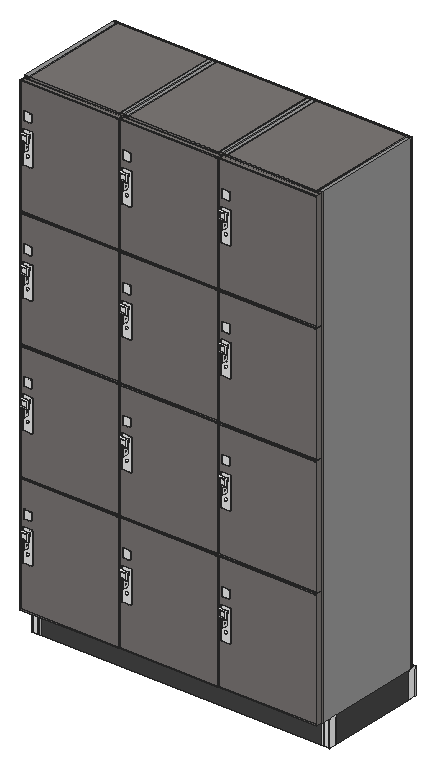
Revit family "Wood_Lockers_Hasps-Salsbury_Industries-15_44000_Series-3_Wide_Units.rfa", category Specialty Equipment, Revit 2016 (continued)
Definition of nested family "Premier Locker Doors_Hasp"
  Lines and regions (in)
    symbolic lines
      curve 20: line (-6.3125, 0.625, 69) -> (-6.3125, 0.625, 68.5)
      curve 21: line (-6.3125, 0.625, 68.5) -> (-6.3125, 0.375, 68.5)
      curve 22: line (-6.3125, 0.375, 3.25) -> (-6.3125, 0.625, 3.25)
      curve 23: line (-6.3125, 0.625, 3.25) -> (-6.3125, 0.625, 2.75)
      curve 24: line (-6.3125, 0.625, 2.75) -> (-6.3125, 0.375, 2.75)
      curve 25: line (-6.3125, 0.375, 36.125) -> (-6.3125, 0.625, 36.125)
      curve 26: line (-6.3125, 0.625, 36.125) -> (-6.3125, 0.625, 35.625)
      curve 27: line (-6.3125, 0.625, 35.625) -> (-6.3125, 0.375, 35.625)
      curve 28: line (-7.0625, -0.375, 71.625) -> (-5.5625, -0.375, 71.625)
      curve 29: line (-6.9375, -1.125, 38.3125) -> (-5.6875, -1.125, 38.3125)
      curve 30: arc (-5.5625, -1.125, 38.1875) -> (-5.59911, -1.125, 38.27589) -> (-5.6875, -1.125, 38.3125) r 0.125
      curve 31: arc (-6.9375, -1.125, 38.3125) -> (-7.02589, -1.125, 38.27589) -> (-7.0625, -1.125, 38.1875) r 0.125
      curve 32: line (-7.0625, -1.125, 33.5625) -> (-7.0625, -1.125, 38.1875)
      curve 33: line (-5.5625, -1.125, 38.1875) -> (-5.5625, -1.125, 33.5625)
      curve 34: arc (-5.6875, -1.125, 33.4375) -> (-5.59911, -1.125, 33.47411) -> (-5.5625, -1.125, 33.5625) r 0.125
      curve 35: arc (-7.0625, -1.125, 33.5625) -> (-7.02589, -1.125, 33.47411) -> (-6.9375, -1.125, 33.4375) r 0.125
      curve 36: line (-5.6875, -1.125, 33.4375) -> (-6.9375, -1.125, 33.4375)
      curve 37: arc (-6.1245, -1.125, 36.6245) -> (-6.3125, -1.125, 36.8125) -> (-6.5005, -1.125, 36.6245) r 0.188
      curve 38: arc (-6.5005, -1.125, 35.7505) -> (-6.3125, -1.125, 35.5625) -> (-6.1245, -1.125, 35.7505) r 0.188
      curve 39: line (-6.1245, -1.125, 36.6245) -> (-6.1245, -1.125, 35.7505)
      curve 40: line (-6.5005, -1.125, 35.7505) -> (-6.5005, -1.125, 36.6245)
      curve 41: line (-5.6875, -1.125, 36.9375) -> (-6.9375, -1.125, 36.9375)
      curve 42: line (-5.6875, -1.125, 38.1875) -> (-5.6875, -1.125, 36.9375)
      curve 43: line (-6.9375, -1.125, 36.9375) -> (-6.9375, -1.125, 38.1875)
      curve 44: line (-6.9375, -1.125, 38.1875) -> (-5.6875, -1.125, 38.1875)
      curve 45: line (-6.3755, -1.125, 36.6844) -> (-6.2495, -1.125, 36.6844)
      curve 46: line (-6.2495, -1.125, 36.6844) -> (-6.2495, -1.125, 35.6844)
      curve 47: line (-6.3755, -1.125, 35.6844) -> (-6.3755, -1.125, 36.6844)
      curve 48: line (-6.2495, -1.125, 35.6844) -> (-6.3755, -1.125, 35.6844)
      curve 49: line (-6.3125, -1, 36.6844) -> (-6.3125, -0.375, 36.6844)
      curve 50: line (-6.3125, -1, 35.6844) -> (-6.3125, -1, 36.6844)
      curve 51: line (-6.3125, -0.375, 35.6844) -> (-6.3125, -1, 35.6844)
      curve 52: arc (-6.3125, -0.91637, 36.1844) -> (-6.3125, -0.66637, 36.4344) -> (-6.3125, -0.41637, 36.1844) r 0.25
      curve 53: arc (-6.3125, -0.41637, 36.1844) -> (-6.3125, -0.66637, 35.9344) -> (-6.3125, -0.91637, 36.1844) r 0.25
      curve 54: line (-6.3125, -0.375, 37.31817) -> (-6.3125, -0.61642, 37.31817)
      curve 55: arc (-6.3125, -0.77297, 37.19215) -> (-6.3125, -0.71691, 37.28275) -> (-6.3125, -0.61642, 37.31817) r 0.16024
      curve 56: arc (-6.3125, -0.97289, 36.9375) -> (-6.3125, -0.84441, 37.04244) -> (-6.3125, -0.77297, 37.19215) r 0.37946
      curve 57: spline (-6.3125, -1.121, 37.15954) -> (-6.3125, -1.11621, 37.12873) -> (-6.3125, -1.10963, 37.09911) -> (-6.3125, -1.10135, 37.07107) -> (-6.3125, -1.09147, 37.04495) -> (-6.3125, -1.0801, 37.02108) -> (-6.3125, -1.0674, 36.99975) -> (-6.3125, -1.05352, 36.98123) -> (-6.3125, -1.03864, 36.96575) -> (-6.3125, -1.02293, 36.95351) -> (-6.3125, -1.0066, 36.94465) -> (-6.3125, -0.98985, 36.93929) -> (-6.3125, -0.97289, 36.9375)
      curve 58: line (-6.3125, -1.125, 37.15954) -> (-6.3125, -1.125, 37.96546)
      curve 59: spline (-6.3125, -1.121, 37.96546) -> (-6.3125, -1.11621, 37.99627) -> (-6.3125, -1.10963, 38.02589) -> (-6.3125, -1.10135, 38.05393) -> (-6.3125, -1.09147, 38.08005) -> (-6.3125, -1.0801, 38.10392) -> (-6.3125, -1.0674, 38.12525) -> (-6.3125, -1.05352, 38.14377) -> (-6.3125, -1.03864, 38.15925) -> (-6.3125, -1.02293, 38.17149) -> (-6.3125, -1.0066, 38.18035) -> (-6.3125, -0.98985, 38.18571) -> (-6.3125, -0.97289, 38.1875)
      curve 60: arc (-6.3125, -0.97289, 38.1875) -> (-6.3125, -0.84441, 38.08256) -> (-6.3125, -0.77297, 37.93285) r 0.37946
      curve 61: arc (-6.3125, -0.77297, 37.93285) -> (-6.3125, -0.71691, 37.84225) -> (-6.3125, -0.61642, 37.80683) r 0.16024
      curve 62: line (-6.3125, -0.61642, 37.80683) -> (-6.3125, -0.375, 37.80683)
      curve 63: line (-6.55683, -0.61642, 71.625) -> (-6.55683, -0.375, 71.625)
      curve 64: arc (-6.68285, -0.77297, 71.625) -> (-6.59225, -0.71691, 71.625) -> (-6.55683, -0.61642, 71.625) r 0.16024
      curve 65: arc (-6.9375, -0.97289, 71.625) -> (-6.83256, -0.84441, 71.625) -> (-6.68285, -0.77297, 71.625) r 0.37946
      curve 66: line (-5.90954, -1.125, 71.625) -> (-6.71546, -1.125, 71.625)
      curve 67: spline (-5.90954, -1.121, 71.625) -> (-5.87873, -1.11621, 71.625) -> (-5.84911, -1.10963, 71.625) -> (-5.82107, -1.10135, 71.625) -> (-5.79495, -1.09147, 71.625) -> (-5.77108, -1.0801, 71.625) -> (-5.74975, -1.0674, 71.625) -> (-5.73123, -1.05352, 71.625) -> (-5.71575, -1.03864, 71.625) -> (-5.70351, -1.02293, 71.625) -> (-5.69465, -1.0066, 71.625) -> (-5.68929, -0.98985, 71.625) -> (-5.6875, -0.97289, 71.625)
      curve 68: arc (-5.6875, -0.97289, 71.625) -> (-5.79244, -0.84441, 71.625) -> (-5.94215, -0.77297, 71.625) r 0.37946
      curve 69: arc (-5.94215, -0.77297, 71.625) -> (-6.03275, -0.71691, 71.625) -> (-6.06817, -0.61642, 71.625) r 0.16024
      curve 70: line (-6.06817, -0.375, 71.625) -> (-6.06817, -0.61642, 71.625)
      curve 71: spline (-6.71546, -1.121, 71.625) -> (-6.74627, -1.11621, 71.625) -> (-6.77589, -1.10963, 71.625) -> (-6.80393, -1.10135, 71.625) -> (-6.83005, -1.09147, 71.625) -> (-6.85392, -1.0801, 71.625) -> (-6.87525, -1.0674, 71.625) -> (-6.89377, -1.05352, 71.625) -> (-6.90925, -1.03864, 71.625) -> (-6.92149, -1.02293, 71.625) -> (-6.93035, -1.0066, 71.625) -> (-6.93571, -0.98985, 71.625) -> (-6.9375, -0.97289, 71.625)
    reference lines
      curve 72: line (-7.4375, 0, 71.75) -> (6.8435, 0, 71.75)
      curve 73: line (6.8435, 0, 71.75) -> (-7.4375, 0, 71.75)
  Dimensions and locks (in)
    equal spacing: plane 4 "Left Side of Door", plane 3 "Center (Left/Right)", plane 5 "Right Side of Door"
    "Width": plane 4 "Left Side of Door" to plane 5 "Right Side of Door"
    equal spacing: plane 7 "Front of Door", plane 1 "Center (Front/Back)", plane 6 "Back of Door"
    "Depth": plane 7 "Front of Door" to plane 6 "Back of Door"
    equal spacing: plane 9 "Top of Door", plane 10 "Center of Door", plane 8 "Bottom of Door"
    "Height": plane 9 "Top of Door" to plane 8 "Bottom of Door"
    equal spacing: plane 11 "Top of Number Tag", plane 16 "Center of Number Tag", plane 12 "Bottom of Number Tag"
    "Number Tag Height": plane 11 "Top of Number Tag" to plane 12 "Bottom of Number Tag"
    equal spacing: plane 14 "Right Side of Number Tag", plane 15 "Horizontal Center of Number Tag", plane 13 "Left Side of Number Tag"
    "Number Tag Width": plane 14 "Right Side of Number Tag" to plane 13 "Left Side of Number Tag"
    "Number Tag-Horizontal Offset": plane 15 "Horizontal Center of Number Tag" to plane 5 "Right Side of Door"
    "Number Tag-Vertical Offset": plane 9 "Top of Door" to plane 16 "Center of Number Tag"
    "Lock Horizontal Offset": plane 4 "Left Side of Door" to plane 17 "Left Side of Lock"
    equal spacing: plane 20 "Top of Lock", plane 19 "Lock Vertical Center", plane 21 "Bottom of Lock"
    "Lock Height": plane 20 "Top of Lock" to plane 21 "Bottom of Lock"
    "Lock Vertical Offset": plane 9 "Top of Door" to plane 19 "Lock Vertical Center"
    plane 22 "Front of Hasp Stud" to plane 7 "Front of Door" = 0.125"
    locked: plane 24 "Right Side of Door-Left Side of Trim" to plane 5 "Right Side of Door" at 0.125
    locked: plane 4 "Left Side of Door" to plane 23 "Left Side of Door-Right Side of Trim" at 0.125
    locked: plane 9 "Top of Door" to plane 25 "Top of Door-Bottom of Trim" at 0.125
    plane 26 "Bottom of Door-Top of Trim" to plane 8 "Bottom of Door" = 0.125"
    plane 28 "Melamine-Particleboard Line" to plane 6 "Back of Door" = 0.031"
    plane 7 "Front of Door" to plane 27 "Laminate-Particleboard Line" = 0.031"
    plane 27 "Laminate-Particleboard Line" to plane 29 "Back of Number Plate Inset" = 0.031"
    equal spacing: plane 18 "Right Side of Lock", plane 30 "Center of Lock", plane 17 "Left Side of Lock", locked at 0.75 each
    "Lock Width": plane 18 "Right Side of Lock" to plane 17 "Left Side of Lock"
    plane 22 "Front of Hasp Stud" to plane 31 = 0.312"
    plane 6 "Back of Door" to plane 32 "Door Stopper Plane" = 0.250"
    locked: plane 23 "Left Side of Door-Right Side of Trim" to plane 33 at 0.325
    locked: plane 25 "Top of Door-Bottom of Trim" to plane 34 at 0.325
    locked: plane 9 "Top of Door" to plane 35 "Top Hinge" at 3
    plane 36 to plane 5 "Right Side of Door" = 0.625"
    plane 6 "Back of Door" to plane 28 "Melamine-Particleboard Line" = 0.031"
    plane 9 "Top of Door" to plane 25 "Top of Door-Bottom of Trim" = 0.125"
    plane 7 "Front of Door" to plane 38 "Inner Knob" = 0.719"
    locked: plane 38 "Inner Knob" to plane 39 "Front of Knob" at 0.031
    locked: plane 40 to plane 20 "Top of Lock" at 1.125
    locked: plane 21 "Bottom of Lock" to plane 41 at 1.125
    locked: plane 20 "Top of Lock" to plane 42 at 0.125
    locked: plane 18 "Right Side of Lock" to plane 43 at 0.125
    locked: plane 44 to plane 17 "Left Side of Lock" at 0.125
    plane 42 to plane 45 = 1.250"
    locked: plane 45 to plane 46 "Top of Hole" at 0.125
    plane 48 to plane 30 "Center of Lock" to plane 47 = 0.188" locked, 0.188" locked
    locked: plane 46 "Top of Hole" to plane 49 "Bottom of Hole" at 1.25
    plane 49 "Bottom of Hole" to plane 50 "Stud Alignment" = 0.750"
    locked: plane 42 to plane 51 "Center of Handle" at 0.625
    plane 52 to plane 51 "Center of Handle" to plane 53 = 0.188" locked, 0.188" locked
    plane 7 "Front of Door" to plane 39 "Front of Knob" = 0.750"
    locked: plane 42 to plane 54 at 0.22204
    locked: plane 55 to plane 45 at 0.22204
    locked: plane 7 "Front of Door" to plane 56 "Front of Latch" at 0.625
    locked: plane 57 to plane 58 at 1
    locked: plane 46 "Top of Hole" to plane 57 at 0.1281
    equal spacing: plane 58, plane 59, plane 57
    locked: plane 60 to plane 5 "Right Side of Door" at 0.594
    locked: plane 57 to plane 61 at 0.0599
    locked: plane 62 to plane 58 at 0.06376
    plane 12 "Bottom of Number Tag" to plane 20 "Top of Lock" = 1.1875"
    aligned and locked: level to plane 2
    aligned and locked: Extrusion 5 to plane 11 "Top of Number Tag"
    aligned and locked: plane 12 "Bottom of Number Tag" to Extrusion 5
    aligned and locked: Extrusion 5 to plane 14 "Right Side of Number Tag"
    aligned and locked: Extrusion 5 to plane 13 "Left Side of Number Tag"
    aligned and locked: plane 29 "Back of Number Plate Inset" to Extrusion 5
    aligned and locked: plane 7 "Front of Door" to Extrusion 5
    aligned and locked: plane 29 "Back of Number Plate Inset" to Extrusion 6
    aligned and locked: plane 7 "Front of Door" to Extrusion 6
    aligned and locked: Extrusion 6 to plane 14 "Right Side of Number Tag"
    aligned and locked: Extrusion 6 to plane 13 "Left Side of Number Tag"
    aligned and locked: Extrusion 6 to plane 11 "Top of Number Tag"
    aligned and locked: plane 12 "Bottom of Number Tag" to Extrusion 6
    aligned and locked: curve 9 to Extrusion 8
    aligned and locked: curve 10 to Extrusion 8
    aligned and locked: curve 11 to Extrusion 8
    aligned and locked: Extrusion 7 to curve 12
    aligned and locked: curve 14 to Extrusion 7
    aligned and locked: curve 16 to plane 7 "Front of Door"
    aligned and locked: curve 19 to Extrusion 8  (x2)
    aligned and locked: curve 21 to Extrusion 8
    aligned and locked: curve 18 to curve 22
    aligned and locked: curve 22 to Extrusion 9  (x2)
    aligned and locked: curve 24 to Extrusion 9
    aligned and locked: curve 25 to Extrusion 10
    aligned and locked: curve 26 to Extrusion 10
    aligned and locked: curve 27 to Extrusion 10
    aligned and locked: plane 20 "Top of Lock" to Extrusion 11 sketch curve
    aligned and locked: Extrusion 11 sketch curve to plane 21 "Bottom of Lock"
    aligned and locked: Extrusion 11 to plane 29 "Back of Number Plate Inset"
    aligned and locked: plane 7 "Front of Door" to Extrusion 11
    aligned and locked: Extrusion 3 to Extrusion 11
    aligned and locked: Sweep 14 to plane 50 "Stud Alignment"  (x2)
    aligned and locked: Extrusion 15 to plane 7 "Front of Door"
    aligned and locked: Extrusion 15 to plane 22 "Front of Hasp Stud"
    aligned and locked: Extrusion 15 to plane 50 "Stud Alignment"
    aligned and locked: Blend 17 to plane 39 "Front of Knob"
    aligned and locked: plane 38 "Inner Knob" to Blend 17
    aligned and locked: plane 6 "Back of Door" to Extrusion 18 sketch curve
    aligned and locked: plane 56 "Front of Latch" to Extrusion 18 sketch curve
    aligned and locked: Extrusion 18 to plane 57
    aligned and locked: plane 58 to Extrusion 18
    aligned and locked: plane 59 to cut or joined group of Extrusion 18, Extrusion 19
    aligned and locked: Extrusion 13 sketch curve to plane 61  (x2)
    aligned and locked: Extrusion 13 sketch curve to plane 62  (x2)
  Automatic sketch dimensions
    Extrusion 1 sketch curve to plane 4 "Left Side of Door" = 0.031"
    plane 5 "Right Side of Door" to Extrusion 1 sketch curve = 0.031"
    level to Extrusion 1 sketch curve = 0.031"
    plane 9 "Top of Door" to Extrusion 1 sketch curve = 0.031"
    Extrusion 2 sketch curve to plane 4 "Left Side of Door" = 0.031"
    plane 5 "Right Side of Door" to Extrusion 2 sketch curve = 0.031"
    level to Extrusion 2 sketch curve = 0.031"
    plane 9 "Top of Door" to Extrusion 2 sketch curve = 0.031"
    Extrusion 3 sketch curve to plane 4 "Left Side of Door" = 0.031"
    plane 5 "Right Side of Door" to Extrusion 3 sketch curve = 0.031"
    level to Extrusion 3 sketch curve = 0.031"
    plane 9 "Top of Door" to Extrusion 3 sketch curve = 0.031"
    plane 23 "Left Side of Door-Right Side of Trim" to Sweep 4 sketch curve = 0.000"
    plane 24 "Right Side of Door-Left Side of Trim" to Sweep 4 sketch curve = 0.000"  (x2)
    Sweep 4 sketch curve to plane 26 "Bottom of Door-Top of Trim" = 0.000"
    Sweep 4 sketch curve to plane 25 "Top of Door-Bottom of Trim" = 0.000"
    profile plane to Sweep 4 sketch curve = 0.125"
    Sweep 4 sketch curve to Sweep 4 sketch curve = 0.031"
    Sweep 4 sketch curve to plane 1 "Center (Front/Back)" = 0.375"
    plane 1 "Center (Front/Back)" to Sweep 4 sketch curve = 0.375"
    Extrusion 7 sketch curve to plane 33 = 0.000"
    Extrusion 7 sketch curve to plane 34 = 0.000"
    plane 36 to Extrusion 8 sketch curve = 0.000"
    Extrusion 8 sketch curve to Extrusion 8 sketch curve = 0.500"
    plane 35 "Top Hinge" to Extrusion 8 sketch curve = 0.250"
    Extrusion 8 sketch curve to plane 35 "Top Hinge" = 0.250"
    plane 36 to Extrusion 9 sketch curve = 0.000"
    Extrusion 9 sketch curve to Extrusion 9 sketch curve = 0.500"
    plane 37 "Bottom Hinge" to Extrusion 9 sketch curve = 0.250"
    Extrusion 9 sketch curve to plane 37 "Bottom Hinge" = 0.250"
    plane 36 to Extrusion 10 sketch curve = 0.000"
    Extrusion 10 sketch curve to Extrusion 10 sketch curve = 0.500"
    curve 4 to level = 0.000"
    plane 4 "Left Side of Door" to curve 4 = 0.000"
    plane 5 "Right Side of Door" to curve 3 = 0.000"
    curve 3 to plane 9 "Top of Door" = 0.000"
    Extrusion 5 sketch curve to plane 13 "Left Side of Number Tag" = 0.000"
    Extrusion 5 sketch curve to plane 12 "Bottom of Number Tag" = 0.000"
    Extrusion 5 sketch curve to plane 11 "Top of Number Tag" = 0.000"
    Extrusion 5 sketch curve to plane 14 "Right Side of Number Tag" = 0.000"
    Extrusion 6 sketch curve to plane 13 "Left Side of Number Tag" = 0.000"
    Extrusion 6 sketch curve to plane 12 "Bottom of Number Tag" = 0.000"
    Extrusion 6 sketch curve to plane 11 "Top of Number Tag" = 0.000"
    Extrusion 6 sketch curve to plane 14 "Right Side of Number Tag" = 0.000"
    Extrusion 11 sketch curve to plane 13 "Left Side of Number Tag" = 0.125"
    Extrusion 10 sketch curve to plane 10 "Center of Door" = 0.250"
    plane 10 "Center of Door" to Extrusion 10 sketch curve = 0.250"
    Extrusion 11 sketch curve to plane 21 "Bottom of Lock" = 0.125"
    plane 13 "Left Side of Number Tag" to Extrusion 5 sketch curve = 0.14916"
    Extrusion 5 sketch curve to Extrusion 5 sketch curve = 0.14916"  (x2)
    plane 13 "Left Side of Number Tag" to Extrusion 6 sketch curve = 0.14916"
    Extrusion 6 sketch curve to plane 12 "Bottom of Number Tag" = 0.14916"
    plane 13 "Left Side of Number Tag" to Extrusion 11 sketch curve = 0.000"  (x2)
    Extrusion 5 sketch curve to plane 12 "Bottom of Number Tag" = 0.14916"
    Extrusion 6 sketch curve to plane 14 "Right Side of Number Tag" = 0.14916"  (x2)
    plane 14 "Right Side of Number Tag" to Extrusion 11 sketch curve = 0.000"  (x2)
    Extrusion 12 sketch curve to plane 17 "Left Side of Lock" = 0.000"
    plane 13 "Left Side of Number Tag" to Extrusion 12 sketch curve = 0.000"  (x2)
    plane 14 "Right Side of Number Tag" to Extrusion 12 sketch curve = 0.000"  (x2)
    Extrusion 12 sketch curve to plane 20 "Top of Lock" = 0.000"
    Extrusion 12 sketch curve to plane 18 "Right Side of Lock" = 0.000"
    Extrusion 12 sketch curve to plane 21 "Bottom of Lock" = 0.125"
    plane 15 "Horizontal Center of Number Tag" to Sweep 14 sketch curve = 0.000"
    Sweep 14 sketch curve to plane 50 "Stud Alignment" = 0.000"
    Sweep 14 sketch curve to plane 7 "Front of Door" = 0.000"
    Sweep 14 sketch curve to profile plane = 0.000"
    profile plane to Sweep 14 sketch curve = 0.00168"
    profile plane to Sweep 14 sketch curve = 0.156"
    Sweep 14 sketch curve to plane 7 "Front of Door" = 0.03275"
    Extrusion 15 sketch curve to Extrusion 15 sketch curve = 0.000"  (x2)
    Extrusion 15 sketch curve to plane 50 "Stud Alignment" = 0.000"
    plane 15 "Horizontal Center of Number Tag" to Extrusion 15 sketch curve = 0.000"
    plane 15 "Horizontal Center of Number Tag" to Extrusion 15 sketch curve = 0.010"
    plane 13 "Left Side of Number Tag" to Sweep 16 sketch curve = 0.000"
    plane 14 "Right Side of Number Tag" to Sweep 16 sketch curve = 0.000"
    Sweep 16 sketch curve to plane 45 = 0.000"
    Sweep 16 sketch curve to plane 42 = 0.000"
    Sweep 16 sketch curve to plane 7 "Front of Door" = 0.000"
    profile plane to Sweep 16 sketch curve = 0.000"
    profile plane to Sweep 16 sketch curve = 0.22043"
    Sweep 16 sketch curve to Sweep 16 sketch curve = 0.01681"
    profile plane to Sweep 16 sketch curve = 0.33926"
    Sweep 16 sketch curve to Sweep 16 sketch curve = 0.14344"
    Sweep 16 sketch curve to Sweep 16 sketch curve = 0.15329"
    Sweep 16 sketch curve to Sweep 16 sketch curve = 0.59563"
    Sweep 16 sketch curve to Sweep 16 sketch curve = 0.24142"
    Sweep 16 sketch curve to Sweep 16 sketch curve = 0.00858"
    Sweep 16 sketch curve to Sweep 16 sketch curve = 0.51788"
    Sweep 16 sketch curve to Sweep 16 sketch curve = 0.31119"
    Sweep 16 sketch curve to Sweep 16 sketch curve = 0.11721"
    Sweep 16 sketch curve to Sweep 16 sketch curve = 0.01742"
    Sweep 16 sketch curve to Sweep 16 sketch curve = 0.06553"
    Sweep 16 sketch curve to Sweep 16 sketch curve = 0.000"
    Blend 17 sketch curve to plane 54 = 0.000"
    Blend 17 sketch curve to plane 55 = 0.000"
    Blend 17 sketch curve to plane 47 = 0.21496"
    plane 48 to Blend 17 sketch curve = 0.21496"
    plane 54 to Blend 17 sketch curve = 0.03267"
    Blend 17 sketch curve to plane 40 = 0.00461"
    Blend 17 sketch curve to plane 47 = 0.18235"
    plane 48 to Blend 17 sketch curve = 0.18227"
    Extrusion 18 sketch curve to plane 57 = 0.000"
    Extrusion 18 sketch curve to plane 58 = 0.000"
    plane 59 to Extrusion 19 sketch curve = 0.000"
    Extrusion 19 sketch curve to plane 22 "Front of Hasp Stud" = 0.16637"
    curve 29 to plane 14 "Right Side of Number Tag" = 0.000"
    curve 29 to plane 20 "Top of Lock" = 0.000"
    curve 30 to plane 18 "Right Side of Lock" = 0.000"
    curve 29 to plane 13 "Left Side of Number Tag" = 0.000"
    curve 31 to plane 42 = 0.000"
    curve 32 to plane 21 "Bottom of Lock" = 0.125"
    curve 34 to plane 14 "Right Side of Number Tag" = 0.000"
    curve 35 to plane 13 "Left Side of Number Tag" = 0.000"
    plane 15 "Horizontal Center of Number Tag" to curve 37 = 0.000"
    plane 47 to curve 37 = 0.000"
    plane 57 to curve 37 = 0.0599"
    curve 39 to plane 58 = 0.0661"
    curve 42 to plane 14 "Right Side of Number Tag" = 0.000"
    curve 41 to plane 13 "Left Side of Number Tag" = 0.000"
    curve 41 to plane 45 = 0.000"
    curve 43 to plane 42 = 0.000"
    curve 46 to plane 57 = 0.000"
    curve 46 to plane 15 "Horizontal Center of Number Tag" = 0.063"
    plane 15 "Horizontal Center of Number Tag" to curve 45 = 0.063"
    curve 47 to plane 58 = 0.000"
    curve 15 to plane 6 "Back of Door" = 0.000"
    plane 9 "Top of Door" to curve 15 = 0.000"
    plane 57 to curve 49 = 0.000"
    curve 51 to plane 56 "Front of Latch" = 0.000"
    plane 58 to curve 51 = 0.000"
    curve 17 to level = 0.000"
    plane 59 to curve 52 = 0.000"
    curve 53 to plane 22 "Front of Hasp Stud" = 0.16637"
    plane 7 "Front of Door" to curve 53 = 0.04137"
    plane 53 to curve 54 = 0.05633"
    curve 54 to plane 22 "Front of Hasp Stud" = 0.11642"
    plane 55 to curve 55 = 0.00161"
    curve 55 to plane 40 = 0.00465"
    plane 45 to curve 56 = 0.000"
    curve 56 to plane 39 "Front of Knob" = 0.01788"
    curve 56 to plane 40 = 0.08926"
    plane 55 to curve 57 = 0.000"
    curve 57 to plane 40 = 0.03757"
    plane 39 "Front of Knob" to curve 57 = 0.004"
    plane 42 to curve 60 = 0.000"
    curve 58 to plane 39 "Front of Knob" = 0.000"
    plane 54 to curve 58 = 0.000"
    plane 54 to curve 59 = 0.000"
    plane 55 to curve 58 = 0.000"
    curve 60 to plane 39 "Front of Knob" = 0.01788"
    curve 60 to plane 52 = 0.09774"
    plane 54 to curve 60 = 0.03261"
    plane 56 "Front of Latch" to curve 59 = 0.02711"
    plane 54 to curve 59 = 0.06553"
    plane 39 "Front of Knob" to curve 59 = 0.004"
    curve 61 to plane 54 = 0.00161"
    curve 61 to plane 22 "Front of Hasp Stud" = 0.11642"
    plane 6 "Back of Door" to curve 9 = 0.000"
    curve 6 to plane 4 "Left Side of Door" = 0.000"
    plane 7 "Front of Door" to curve 6 = 0.000"
    plane 7 "Front of Door" to curve 28 = 0.000"
    curve 67 to plane 14 "Right Side of Number Tag" = 0.000"
    curve 65 to plane 13 "Left Side of Number Tag" = 0.000"
    curve 66 to plane 39 "Front of Knob" = 0.000"
    curve 28 to plane 17 "Left Side of Lock" = 0.000"
    curve 28 to plane 18 "Right Side of Lock" = 0.000"
    curve 8 to plane 5 "Right Side of Door" = 0.000"
    curve 64 to plane 22 "Front of Hasp Stud" = 0.11642"
    curve 69 to plane 22 "Front of Hasp Stud" = 0.11642"
    curve 68 to plane 39 "Front of Knob" = 0.01788"
    curve 65 to plane 39 "Front of Knob" = 0.01788"
    curve 14 to plane 23 "Left Side of Door-Right Side of Trim" = 0.07537"
    plane 48 to curve 64 = 0.21657"
    plane 48 to curve 65 = 0.09774"
    plane 48 to curve 63 = 0.05633"
    curve 70 to plane 47 = 0.05633"
    curve 68 to plane 47 = 0.09774"
    curve 69 to curve 69 = 0.16024"
    curve 64 to curve 65 = 0.15655"
    curve 69 to curve 68 = 0.15655"
    plane 39 "Front of Knob" to curve 67 = 0.004"
    plane 33 to curve 14 = 0.250"
    curve 66 to curve 65 = 0.11721"
    curve 67 to plane 47 = 0.14943"
    curve 68 to curve 66 = 0.11721"
    curve 67 to curve 66 = 0.000"
    plane 39 "Front of Knob" to curve 71 = 0.004"
    curve 71 to curve 66 = 0.000"
    plane 48 to curve 71 = 0.14943"
    plane 1 "Center (Front/Back)" to curve 73 = 0.000"
    curve 73 to plane 4 "Left Side of Door" = 0.000"
    curve 73 to plane 60 = 0.000"
    plane 48 to Extrusion 13 sketch curve = 0.000"
    plane 15 "Horizontal Center of Number Tag" to Extrusion 13 sketch curve = 0.000"
    radius of Extrusion 7 sketch curve = 0.250"
    radius of Sweep 14 sketch curve = 0.010"
    radius of Extrusion 19 sketch curve = 0.250"
Definition of nested family "Wood Locker Bases"
  Parameters (values of type "Base - 12" W x 15" D Lockers")
    Width = 12.000"
    Visible Base = yes
    Visible = no
    Model = "Base - 12\" W x 15\" D Lockers"
    Manufacturer = "Salsbury Industries"
    Height = 4.000"
    Depth = 13.250"
    Base Secondary Material = none
    Base Primary Materials = none
    Base Hardware = none
  Types (14): name | Width | Visible Base | Visible | Model | Depth
    (no name) | 12.000" | yes | no | "Base - 12\" W x 15\" D Lockers" | 13.250"
    Base - 12" W x 15" D Lockers | 12.000" | yes | no | "Base - 12\" W x 15\" D Lockers" | 13.250"
    Base - 12" W x 18" D Lockers | 12.000" | yes | no | "Base - 12\" W x 18\" D Lockers" | 16.250"
    Base - 12" W x 21" D Lockers | 12.000" | yes | no | "Base - 12\" W x 21\" D Lockers" | 19.250"
    Base - 36" W x 15" D Lockers | 36.000" | yes | yes | "Base - 36\" W x 15\" D Lockers" | 13.250"
    Base - 36" W x 18" D Lockers | 36.000" | yes | yes | "Base - 36\" W x 18\" D Lockers" | 16.250"
    Base - 36" W x 21" D Lockers | 36.000" | yes | yes | "Base - 36\" W x 21\" D Lockers" | 19.250"
    Base - 15" W x 18" D Lockers | 15.000" | yes | no | "Base - 15\" W x 18\" D Lockers" | 16.250"
    Base - 15" W x 21" D Lockers | 15.000" | yes | no | "Base - 15\" W x 21\" D Lockers" | 19.250"
    Base - 15" W x 24" D Lockers | 15.000" | yes | no | "Base - 15\" W x 24\" D Lockers" | 22.250"
    Base - 45" W x 18" D Lockers | 45.000" | yes | yes | "Base - 45\" W x 18\" D Lockers" | 16.250"
    Base - 45" W x 21" D Lockers | 45.000" | yes | yes | "Base - 45\" W x 21\" D Lockers" | 19.250"
    Base - 45" W x 24" D Lockers | 45.000" | yes | yes | "Base - 45\" W x 24\" D Lockers" | 22.250"
    None | 12.000" | no | no | "Base - 12\" W x 15\" D Lockers" | 13.250"
  Reference planes (in)
    plane 1 "Center (Front/Back)": y = 0
    plane 2: z = 0
    plane 3 "Center (Left/Right)": x = 0
    plane 4 "Left Edge": x = -6
    plane 5 "Right Edge": x = 6
    plane 6 "Back Edge": y = 6.625
    plane 7 "Front Edge": y = -6.625
    plane 8 "Bottom Edge": z = 0
    plane 9 "Top Edge": z = 4
    plane 10: x = -4.75
    plane 11: x = -4.102
    plane 12: y = 6.562
    plane 13: y = 5.8
    plane 14: x = -5.131
    plane 15: x = -5.256
    plane 16: x = -5.937
    plane 17: x = -5.175
    plane 18: y = 4.727
    plane 19: y = 5.375
    plane 20: y = 5.756
    plane 21: y = 5.881
    plane 22: x = -5.931
    plane 23: x = 5.931
    plane 24: y = 6.556
    plane 25: y = -6.556
    plane 26: y = 6.525
    plane 27: y = -6.525
    plane 28: x = -5.9
    plane 29: x = 5.9
    plane 30: x = -2.375
    plane 31: x = 2.375
  Forms (in)
    Extrusion 1, solid, material <- "Base Hardware", visible <- "Visible Base"
      sketch origin (0, 0, 0) x (1, 0, 0) y (0, 1, 0)
        loop
          arc (-5.96712, 6.625) -> (-5.99098, 6.61598) -> (-6, 6.59212) r 0.031
          line (-6, 6.59212) -> (-6, 5.4065)
          arc (-6, 5.4065) -> (-5.9685, 5.375) -> (-5.937, 5.4065) r 0.0315
          line (-5.937, 5.4065) -> (-5.937, 5.756) -> (-5.837, 5.756) -> (-5.837, 5.819) -> (-5.937, 5.819) -> (-5.937, 6.51465) -> (-5.256, 5.83365) -> (-5.256, 5.756) -> (-5.175, 5.756) -> (-5.175, 4.75833)
          arc (-5.175, 4.75833) -> (-5.14367, 4.727) -> (-5.11235, 4.75833) r 0.03133
          line (-5.11235, 4.75833) -> (-5.11235, 5.73703) -> (-4.13348, 5.73703)
          arc (-4.13348, 5.73703) -> (-4.102, 5.76852) -> (-4.13348, 5.8) r 0.03148
          line (-4.13348, 5.8) -> (-5.131, 5.8) -> (-5.131, 5.881) -> (-5.21422, 5.881) -> (-5.89522, 6.562) -> (-5.194, 6.562) -> (-5.194, 6.462) -> (-5.131, 6.462) -> (-5.131, 6.562) -> (-4.7814, 6.562)
          arc (-4.7814, 6.562) -> (-4.7499, 6.5935) -> (-4.7814, 6.625) r 0.0315
          line (-4.7814, 6.625) -> (-5.96712, 6.625)
      from 0 to 4
    Extrusion 2, solid, material <- "Base Hardware", visible <- "Visible Base"
      sketch origin (0, 0, 0) x (-1, 0, 0) y (0, -1, 0)
        loop
          line (-5.96712, -6.625) -> (-4.7814, -6.625)
          arc (-4.7814, -6.625) -> (-4.7499, -6.5935) -> (-4.7814, -6.562) r 0.0315
          line (-4.7814, -6.562) -> (-5.131, -6.562) -> (-5.131, -6.462) -> (-5.194, -6.462) -> (-5.194, -6.562) -> (-5.89522, -6.562) -> (-5.21422, -5.881) -> (-5.131, -5.881) -> (-5.131, -5.8) -> (-4.13348, -5.8)
          arc (-4.13348, -5.8) -> (-4.102, -5.76852) -> (-4.13348, -5.73703) r 0.03148
          line (-4.13348, -5.73703) -> (-5.11235, -5.73703) -> (-5.11235, -4.75833)
          arc (-5.11235, -4.75833) -> (-5.14367, -4.727) -> (-5.175, -4.75833) r 0.03133
          line (-5.175, -4.75833) -> (-5.175, -5.756) -> (-5.256, -5.756) -> (-5.256, -5.83365) -> (-5.937, -6.51465) -> (-5.937, -5.819) -> (-5.837, -5.819) -> (-5.837, -5.756) -> (-5.937, -5.756) -> (-5.937, -5.4065)
          arc (-5.937, -5.4065) -> (-5.9685, -5.375) -> (-6, -5.4065) r 0.0315
          line (-6, -5.4065) -> (-6, -6.59212)
          arc (-6, -6.59212) -> (-5.99098, -6.61598) -> (-5.96712, -6.625) r 0.031
      from 0 to 4
    Extrusion 3, solid, material <- "Base Hardware", visible <- "Visible Base"
      sketch origin (0, 0, 0) x (1, 0, 0) y (0, 1, 0)
        loop
          line (-5.96712, -6.625) -> (-4.7814, -6.625)
          arc (-4.7814, -6.625) -> (-4.7499, -6.5935) -> (-4.7814, -6.562) r 0.0315
          line (-4.7814, -6.562) -> (-5.131, -6.562) -> (-5.131, -6.462) -> (-5.194, -6.462) -> (-5.194, -6.562) -> (-5.89522, -6.562) -> (-5.21422, -5.881) -> (-5.131, -5.881) -> (-5.131, -5.8) -> (-4.13348, -5.8)
          arc (-4.13348, -5.8) -> (-4.102, -5.76852) -> (-4.13348, -5.73703) r 0.03148
          line (-4.13348, -5.73703) -> (-5.11235, -5.73703) -> (-5.11235, -4.75833)
          arc (-5.11235, -4.75833) -> (-5.14367, -4.727) -> (-5.175, -4.75833) r 0.03133
          line (-5.175, -4.75833) -> (-5.175, -5.756) -> (-5.256, -5.756) -> (-5.256, -5.83365) -> (-5.937, -6.51465) -> (-5.937, -5.819) -> (-5.837, -5.819) -> (-5.837, -5.756) -> (-5.937, -5.756) -> (-5.937, -5.4065)
          arc (-5.937, -5.4065) -> (-5.9685, -5.375) -> (-6, -5.4065) r 0.0315
          line (-6, -5.4065) -> (-6, -6.59212)
          arc (-6, -6.59212) -> (-5.99098, -6.61598) -> (-5.96712, -6.625) r 0.031
      from 0 to 4
    Extrusion 4, solid, material <- "Base Hardware", visible <- "Visible Base"
      sketch origin (0, 0, 0) x (-1, 0, 0) y (0, -1, 0)
        loop
          arc (-5.96712, 6.625) -> (-5.99098, 6.61598) -> (-6, 6.59212) r 0.031
          line (-6, 6.59212) -> (-6, 5.4065)
          arc (-6, 5.4065) -> (-5.9685, 5.375) -> (-5.937, 5.4065) r 0.0315
          line (-5.937, 5.4065) -> (-5.937, 5.756) -> (-5.837, 5.756) -> (-5.837, 5.819) -> (-5.937, 5.819) -> (-5.937, 6.51465) -> (-5.256, 5.83365) -> (-5.256, 5.756) -> (-5.175, 5.756) -> (-5.175, 4.75833)
          arc (-5.175, 4.75833) -> (-5.14367, 4.727) -> (-5.11235, 4.75833) r 0.03133
          line (-5.11235, 4.75833) -> (-5.11235, 5.73703) -> (-4.13348, 5.73703)
          arc (-4.13348, 5.73703) -> (-4.102, 5.76852) -> (-4.13348, 5.8) r 0.03148
          line (-4.13348, 5.8) -> (-5.131, 5.8) -> (-5.131, 5.881) -> (-5.21422, 5.881) -> (-5.89522, 6.562) -> (-5.194, 6.562) -> (-5.194, 6.462) -> (-5.131, 6.462) -> (-5.131, 6.562) -> (-4.7814, 6.562)
          arc (-4.7814, 6.562) -> (-4.7499, 6.5935) -> (-4.7814, 6.625) r 0.0315
          line (-4.7814, 6.625) -> (-5.96712, 6.625)
      from 0 to 4
    Extrusion 5, solid, material <- "Base Secondary Material", visible <- "Visible Base"
      sketch origin (0, 0, 0) x (0, -1, 0) y (1, 0, 0)
        loop
          line (-5.756, 5.9) -> (-5.756, 5.181) -> (5.75697, 5.181) -> (5.75697, 5.9) -> (-5.756, 5.9)
      from 0 to 4
    Extrusion 6, solid, material <- "Base Secondary Material", visible <- "Visible Base"
      sketch origin (0, 0, 0) x (0, -1, 0) y (1, 0, 0)
        loop
          line (-5.756, -5.9) -> (5.75697, -5.9) -> (5.75697, -5.181) -> (-5.756, -5.181) -> (-5.756, -5.9)
      from 0 to 4
    Extrusion 7, solid, material <- "Base Secondary Material", visible <- "Visible Base"
      sketch origin (-2.05521, 0.625, 0) x (1, 0, 0) y (0, 1, 0)
        loop
          line (-3.07579, 5.9) -> (-3.07579, 5.181) -> (7.18621, 5.181) -> (7.18621, 5.9) -> (-3.07579, 5.9)
      from 0 to 4
    Extrusion 8, solid, material <- "Base Secondary Material", visible <- "Visible Base"
      sketch origin (-2.05521, -0.625, 0) x (1, 0, 0) y (0, 1, 0)
        loop
          line (-3.07579, -5.9) -> (7.18621, -5.9) -> (7.18621, -5.181) -> (-3.07579, -5.181) -> (-3.07579, -5.9)
      from 0 to 4
    Extrusion 9, solid, material <- "Base Primary Materials", visible <- "Visible Base"
      sketch origin (0.76452, 0, 0) x (0, -1, 0) y (1, 0, 0)
        loop
          line (-5.756, 5.16648) -> (-5.756, 5.13548) -> (5.75697, 5.13548) -> (5.75697, 5.16648) -> (-5.756, 5.16648)
      from 0 to 4
    Extrusion 10, solid, material <- "Base Primary Materials", visible <- "Visible Base"
      sketch origin (-0.719, 0, 0) x (0, -1, 0) y (1, 0, 0)
        loop
          line (-5.756, -5.212) -> (5.75697, -5.212) -> (5.75697, -5.181) -> (-5.756, -5.181) -> (-5.756, -5.212)
      from 0 to 4
    Extrusion 11, solid, material <- "Base Primary Materials", visible <- "Visible Base"
      sketch origin (-2.05521, 1.344, 0) x (1, 0, 0) y (0, 1, 0)
        loop
          line (-3.07579, 5.218) -> (-3.07579, 5.181) -> (7.18621, 5.181) -> (7.18621, 5.218) -> (-3.07579, 5.218)
      from 0 to 4
    Extrusion 12, solid, material <- "Base Primary Materials", visible <- "Visible Base"
      sketch origin (-2.05521, -1.344, 0) x (1, 0, 0) y (0, 1, 0)
        loop
          line (-3.07579, -5.212) -> (7.18621, -5.212) -> (7.18621, -5.181) -> (-3.07579, -5.181) -> (-3.07579, -5.212)
      from 0 to 4
    Extrusion 13, solid, material <- "Base Secondary Material", visible <- "Visible"
      sketch origin (0, 0, 4) x (0, -1, 0) y (1, 0, 0)
        loop
          line (-5.806, -2.375) -> (5.806, -2.375) -> (5.806, 2.375) -> (-5.806, 2.375) -> (-5.806, -2.375)
      from 0 to -0.75
    Extrusion 14, solid, material <- "Base Secondary Material", visible <- "Visible"
      sketch origin (0, 0, 0) x (0, -1, 0) y (1, 0, 0)
        loop
          line (-5.806, -2.375) -> (-5.056, -2.375) -> (-5.056, 2.375) -> (-5.806, 2.375) -> (-5.806, -2.375)
      from 0 to 3.25
    Extrusion 15, solid, material <- "Base Secondary Material", visible <- "Visible"
      sketch origin (0, 0, 0) x (0, 1, 0) y (-1, 0, 0)
        loop
          line (-5.806, 2.375) -> (-5.806, -2.375) -> (-5.056, -2.375) -> (-5.056, 2.375) -> (-5.806, 2.375)
      from 0 to 3.25
  Dimensions and locks (in)
    equal spacing: plane 4 "Left Edge", plane 3 "Center (Left/Right)", plane 5 "Right Edge"
    "Width": plane 4 "Left Edge" to plane 5 "Right Edge"
    equal spacing: plane 7 "Front Edge", plane 1 "Center (Front/Back)", plane 6 "Back Edge"
    "Depth": plane 7 "Front Edge" to plane 6 "Back Edge"
    "Height": plane 9 "Top Edge" to plane 8 "Bottom Edge"
    locked: plane 4 "Left Edge" to plane 10 at 1.25
    locked: plane 4 "Left Edge" to plane 11 at 1.898
    locked: plane 12 to plane 6 "Back Edge" at 0.063
    plane 14 to plane 10 = 0.381"
    locked: plane 12 to plane 13 at 0.762
    locked: plane 4 "Left Edge" to plane 16 at 0.063
    locked: plane 16 to plane 17 at 0.762
    locked: plane 19 to plane 6 "Back Edge" at 1.25
    locked: plane 18 to plane 6 "Back Edge" at 1.898
    plane 15 to plane 17 = 0.081"
    plane 21 to plane 13 = 0.081"
    plane 19 to plane 20 = 0.381"
    plane 24 to plane 6 "Back Edge" = 0.069"
    plane 7 "Front Edge" to plane 25 = 0.069"
    plane 23 to plane 5 "Right Edge" = 0.069"
    plane 4 "Left Edge" to plane 22 = 0.069"
    plane 26 to plane 24 = 0.031"
    plane 25 to plane 27 = 0.031"
    plane 22 to plane 28 = 0.031"
    plane 29 to plane 23 = 0.031"
    plane 30 to plane 3 "Center (Left/Right)" to plane 31 = 2.375" locked, 2.375" locked
    aligned and locked: level to plane 2
    aligned and locked: plane 30 to Extrusion 13
    aligned and locked: plane 30 to Extrusion 14
    aligned and locked: plane 30 to Extrusion 15
    aligned and locked: Extrusion 13 to plane 31
    aligned and locked: Extrusion 14 to plane 31
    aligned and locked: Extrusion 15 to plane 31
  Automatic sketch dimensions
    Extrusion 1 sketch curve to plane 4 "Left Edge" = 0.000"
    plane 6 "Back Edge" to Extrusion 1 sketch curve = 0.000"
    Extrusion 1 sketch curve to plane 16 = 0.000"  (x2)
    Extrusion 1 sketch curve to plane 12 = 0.000"  (x2)
    plane 20 to Extrusion 1 sketch curve = 0.000"  (x2)
    Extrusion 1 sketch curve to plane 15 = 0.000"
    plane 21 to Extrusion 1 sketch curve = 0.000"
    Extrusion 1 sketch curve to plane 17 = 0.000"
    Extrusion 1 sketch curve to plane 14 = 0.000"  (x2)
    Extrusion 1 sketch curve to plane 13 = 0.000"
    Extrusion 1 sketch curve to plane 4 "Left Edge" = 0.03094"
    plane 16 to Extrusion 1 sketch curve = 0.03012"
    Extrusion 1 sketch curve to plane 28 = 0.00478"
    Extrusion 1 sketch curve to plane 28 = 0.063"
    plane 17 to Extrusion 1 sketch curve = 0.03922"
    plane 17 to Extrusion 1 sketch curve = 0.019"
    plane 14 to Extrusion 1 sketch curve = 0.01267"
    plane 10 to Extrusion 1 sketch curve = 0.0314"
    plane 11 to Extrusion 1 sketch curve = 0.03148"
    plane 20 to Extrusion 1 sketch curve = 0.01897"
    Extrusion 1 sketch curve to plane 19 = 0.0315"
    Extrusion 1 sketch curve to plane 18 = 0.03133"
    plane 13 to Extrusion 1 sketch curve = 0.019"
    plane 13 to Extrusion 1 sketch curve = 0.03365"
    plane 26 to Extrusion 1 sketch curve = 0.063"
    plane 26 to Extrusion 1 sketch curve = 0.01035"
    plane 12 to Extrusion 1 sketch curve = 0.03012"
    Extrusion 2 sketch curve to plane 5 "Right Edge" = 0.000"
    plane 6 "Back Edge" to Extrusion 2 sketch curve = 0.000"
    plane 20 to Extrusion 2 sketch curve = 0.000"  (x2)
    plane 12 to Extrusion 2 sketch curve = 0.000"  (x2)
    plane 21 to Extrusion 2 sketch curve = 0.000"
    plane 13 to Extrusion 2 sketch curve = 0.000"
    Extrusion 2 sketch curve to plane 5 "Right Edge" = 0.03094"
    Extrusion 2 sketch curve to Extrusion 2 sketch curve = 0.0315"
    Extrusion 2 sketch curve to Extrusion 2 sketch curve = 0.00194"
    plane 23 to Extrusion 2 sketch curve = 0.006"
    Extrusion 2 sketch curve to plane 29 = 0.00478"
    Extrusion 2 sketch curve to plane 29 = 0.063"
    Extrusion 2 sketch curve to plane 13 = 0.03365"
    Extrusion 2 sketch curve to Extrusion 2 sketch curve = 0.581"
    Extrusion 2 sketch curve to Extrusion 2 sketch curve = 0.04178"
    Extrusion 2 sketch curve to plane 26 = 0.063"
    Extrusion 2 sketch curve to Extrusion 2 sketch curve = 0.02022"
    plane 18 to Extrusion 2 sketch curve = 0.03133"
    Extrusion 2 sketch curve to plane 29 = 0.725"
    Extrusion 2 sketch curve to Extrusion 2 sketch curve = 0.03133"
    Extrusion 2 sketch curve to Extrusion 2 sketch curve = 0.063"
    Extrusion 2 sketch curve to Extrusion 2 sketch curve = 0.08322"
    Extrusion 2 sketch curve to Extrusion 2 sketch curve = 0.3496"
    Extrusion 2 sketch curve to Extrusion 2 sketch curve = 0.97886"
    plane 19 to Extrusion 2 sketch curve = 0.0315"
    Extrusion 2 sketch curve to plane 20 = 0.01897"
    Extrusion 2 sketch curve to plane 13 = 0.019"
    Extrusion 2 sketch curve to plane 26 = 0.01035"
    Extrusion 2 sketch curve to plane 12 = 0.03012"
    Extrusion 3 sketch curve to plane 4 "Left Edge" = 0.000"
    plane 7 "Front Edge" to Extrusion 3 sketch curve = 0.000"
    Extrusion 3 sketch curve to plane 16 = 0.000"  (x2)
    Extrusion 3 sketch curve to plane 15 = 0.000"
    Extrusion 3 sketch curve to plane 17 = 0.000"
    Extrusion 3 sketch curve to plane 14 = 0.000"  (x2)
    plane 4 "Left Edge" to Extrusion 3 sketch curve = 0.03094"
    Extrusion 3 sketch curve to plane 16 = 0.03012"
    plane 28 to Extrusion 3 sketch curve = 0.00478"
    plane 28 to Extrusion 3 sketch curve = 0.063"
    Extrusion 3 sketch curve to plane 17 = 0.03922"
    Extrusion 3 sketch curve to plane 17 = 0.019"
    Extrusion 3 sketch curve to plane 14 = 0.01267"
    Extrusion 3 sketch curve to plane 25 = 0.006"  (x2)
    Extrusion 3 sketch curve to plane 10 = 0.0314"
    Extrusion 3 sketch curve to plane 11 = 0.03148"
    plane 27 to Extrusion 3 sketch curve = 0.01035"
    plane 27 to Extrusion 3 sketch curve = 0.063"
    Extrusion 3 sketch curve to Extrusion 3 sketch curve = 0.581"
    Extrusion 3 sketch curve to Extrusion 3 sketch curve = 0.04735"
    Extrusion 3 sketch curve to Extrusion 3 sketch curve = 0.01465"
    Extrusion 3 sketch curve to Extrusion 3 sketch curve = 0.081"
    Extrusion 3 sketch curve to Extrusion 3 sketch curve = 0.03148"
    Extrusion 3 sketch curve to Extrusion 3 sketch curve = 0.044"
    Extrusion 3 sketch curve to Extrusion 3 sketch curve = 0.063"
    Extrusion 3 sketch curve to Extrusion 3 sketch curve = 0.3495"
    Extrusion 3 sketch curve to Extrusion 3 sketch curve = 0.97871"
    plane 7 "Front Edge" to Extrusion 3 sketch curve = 0.03288"
    Extrusion 4 sketch curve to plane 5 "Right Edge" = 0.000"
    plane 7 "Front Edge" to Extrusion 4 sketch curve = 0.000"
    plane 5 "Right Edge" to Extrusion 4 sketch curve = 0.03094"
    Extrusion 4 sketch curve to Extrusion 4 sketch curve = 0.0315"
    Extrusion 4 sketch curve to Extrusion 4 sketch curve = 0.00194"
    Extrusion 4 sketch curve to plane 23 = 0.006"
    plane 29 to Extrusion 4 sketch curve = 0.00478"
    plane 29 to Extrusion 4 sketch curve = 0.063"
    Extrusion 4 sketch curve to Extrusion 4 sketch curve = 0.581"
    Extrusion 4 sketch curve to Extrusion 4 sketch curve = 0.04178"
    Extrusion 4 sketch curve to plane 27 = 0.063"
    Extrusion 4 sketch curve to Extrusion 4 sketch curve = 0.02022"
    plane 29 to Extrusion 4 sketch curve = 0.725"
    Extrusion 4 sketch curve to Extrusion 4 sketch curve = 0.03133"
    Extrusion 4 sketch curve to Extrusion 4 sketch curve = 0.063"  (x2)
    Extrusion 4 sketch curve to Extrusion 4 sketch curve = 0.08322"
    plane 25 to Extrusion 4 sketch curve = 0.006"  (x2)
    Extrusion 4 sketch curve to Extrusion 4 sketch curve = 0.3496"
    Extrusion 4 sketch curve to plane 27 = 0.725"
    Extrusion 4 sketch curve to Extrusion 4 sketch curve = 0.97886"
    Extrusion 4 sketch curve to Extrusion 4 sketch curve = 0.03148"
    Extrusion 4 sketch curve to Extrusion 4 sketch curve = 0.044"
    Extrusion 4 sketch curve to Extrusion 4 sketch curve = 0.000"
    Extrusion 4 sketch curve to Extrusion 4 sketch curve = 0.3495"
    Extrusion 4 sketch curve to Extrusion 4 sketch curve = 0.97871"
    Extrusion 4 sketch curve to Extrusion 4 sketch curve = 0.07765"
    Extrusion 4 sketch curve to Extrusion 4 sketch curve = 0.081"
    Extrusion 4 sketch curve to plane 27 = 0.01035"
    Extrusion 4 sketch curve to plane 7 "Front Edge" = 0.03288"
    plane 20 to Extrusion 5 sketch curve = 0.000"
    Extrusion 5 sketch curve to plane 29 = 0.000"
    Extrusion 5 sketch curve to plane 27 = 0.76803"
    plane 29 to Extrusion 5 sketch curve = 0.719"
    plane 20 to Extrusion 6 sketch curve = 0.000"
    Extrusion 6 sketch curve to plane 28 = 0.000"
    plane 27 to Extrusion 6 sketch curve = 0.76803"
    Extrusion 6 sketch curve to plane 17 = 0.006"
    Extrusion 7 sketch curve to plane 14 = 0.000"
    plane 26 to Extrusion 7 sketch curve = 0.000"
    plane 29 to Extrusion 7 sketch curve = 0.769"
    plane 13 to Extrusion 7 sketch curve = 0.006"
    Extrusion 8 sketch curve to plane 14 = 0.000"
    plane 27 to Extrusion 8 sketch curve = 0.000"
    Extrusion 8 sketch curve to plane 29 = 0.769"
    plane 27 to Extrusion 8 sketch curve = 0.719"
    plane 20 to Extrusion 9 sketch curve = 0.000"
    Extrusion 9 sketch curve to plane 23 = 0.000"
    Extrusion 9 sketch curve to plane 29 = 0.000"
    Extrusion 9 sketch curve to plane 27 = 0.76803"
    plane 20 to Extrusion 10 sketch curve = 0.000"
    Extrusion 10 sketch curve to plane 22 = 0.000"
    Extrusion 10 sketch curve to plane 28 = 0.000"
    plane 27 to Extrusion 10 sketch curve = 0.76803"
    Extrusion 11 sketch curve to plane 14 = 0.000"
    plane 12 to Extrusion 11 sketch curve = 0.000"
    plane 26 to Extrusion 11 sketch curve = 0.000"
    plane 29 to Extrusion 11 sketch curve = 0.769"
    Extrusion 12 sketch curve to plane 14 = 0.000"
    plane 25 to Extrusion 12 sketch curve = 0.000"
    plane 27 to Extrusion 12 sketch curve = 0.000"
    Extrusion 12 sketch curve to plane 29 = 0.769"
    plane 13 to Extrusion 13 sketch curve = 0.006"
    Extrusion 13 sketch curve to plane 27 = 0.719"
    Extrusion 13 sketch curve to plane 11 = 1.727"
    plane 3 "Center (Left/Right)" to Extrusion 13 sketch curve = 2.375"
    plane 13 to Extrusion 14 sketch curve = 0.006"
    plane 19 to Extrusion 14 sketch curve = 0.319"
    Extrusion 14 sketch curve to plane 11 = 1.727"
    plane 3 "Center (Left/Right)" to Extrusion 14 sketch curve = 2.375"
    plane 27 to Extrusion 15 sketch curve = 0.719"
    Extrusion 15 sketch curve to Extrusion 15 sketch curve = 0.750"
    plane 11 to Extrusion 15 sketch curve = 1.727"
    Extrusion 15 sketch curve to plane 3 "Center (Left/Right)" = 2.375"
Definition of nested family "Wood Locker Sloping Corner Fillers"
  Parameters (values of type "44479 - for 24" D Lockers")
    Width = 25.875"
    Visible = yes
    Version = "1.0 (12/15/23)"
    Type Comments = "Sloping Hood Corner Filler for Premier Wood Lockers"
    Model = "44489"
    Manufacturer = "Salsbury Industries"
    Laminate Surface = none
    Height = 9.118"
    Description = "For 24\" D Lockers"
    Depth = 25.875"
  Types (6): name | Width | Visible | Version | Type Comments | Model | Manufacturer | Height | Description | Depth
    (no name) | 25.875" | yes | "1.0 (12/15/23)" | "Sloping Hood Corner Filler for Premier Wood Lockers" | "44489" | "Salsbury Industries" | 9.118" | "For 24\" D Lockers" | 25.875"
    44477 - for 15" D Lockers | 16.875" | yes | "1.0 (12/15/23)" | "Sloping Hood Corner Filler for Premier Wood Lockers" | "44487" | "Salsbury Industries" | 5.743" | "For 15\" D Lockers" | 16.875"
    44478 - for 18" D Lockers | 19.875" | yes | "1.0 (12/15/23)" | "Sloping Hood Corner Filler for Premier Wood Lockers" | "44488" | "Salsbury Industries" | 6.868" | "For 18\" D Lockers" | 19.875"
    44471 - for 21" D Lockers | 22.875" | yes | "1.0 (12/15/23)" | "Sloping Hood Corner Filler for Premier Wood Lockers" | "44481" | "Salsbury Industries" | 7.993" | "For 21\" D Lockers" | 22.875"
    44479 - for 24" D Lockers | 25.875" | yes | "1.0 (12/15/23)" | "Sloping Hood Corner Filler for Premier Wood Lockers" | "44489" | "Salsbury Industries" | 9.118" | "For 24\" D Lockers" | 25.875"
    None | 16.875" | no | "" | "" | "" | "" | 5.743" | "" | 16.875"
  Reference planes (in)
    plane 1 "Center (Front/Back)": y = -0.8125
    plane 2: z = 0
    plane 3 "Center (Left/Right)": x = 0.8125
    plane 4 "Front of Hood": y = -11.5
    plane 5 "Right Side of Hood": x = 11.5
    plane 6 "Bottom of Hood": z = 0
    plane 7 "Black Trim Line": y = -11.469
    plane 8: z = 0.062
    plane 9: z = 0.75
    plane 10 "New Back of Hood": y = 12.125
    plane 11 "New Front of Hood": y = -13.75
    plane 12 "New Left Side": x = -12.125
    plane 13 "New Right Side": x = 13.75
    plane 14 "Top": z = 9.118
    plane 15: x = 11.469
  Forms (in)
    Extrusion 1, solid, visible <- "Visible"
      sketch origin (0.8125, 0, 0) x (0, 1, 0) y (0, 0, 1)
        loop
          line (-9.66023, 0) -> (12.125, 8.36937) -> (12.125, 9.087) -> (-11.42019, 0.062) -> (-11.469, 0.062) -> (-11.469, 0) -> (-9.66023, 0)
      from -12.9375 to 12.9375
    Extrusion 2, solid, material <- "Laminate Surface", visible <- "Visible"
      sketch origin (0.8125, 0, 0.00023) x (0, 1, 0) y (0, 0, 1)
        loop
          line (12.125, 9.11777) -> (-11.5, 0.06177) -> (-11.42019, 0.06177) -> (12.125, 9.08677) -> (12.125, 9.11777)
      from -12.9375 to 12.9375
    Extrusion 3, void
      sketch origin (0, 0, 0) x (0, -1, 0) y (1, 0, 0)
        loop
          line (11.5, 11.5) -> (-12.125, -12.125) -> (11.5, -12.125) -> (11.5, 11.5)
      from 0 to 9.118
    Extrusion 4, solid, material <- "Laminate Surface", visible <- "Visible"
      sketch origin (13.75, 0, 0) x (0, -1, 0) y (0, 0, 1)
        loop
          line (11.5, 0) -> (11.5, 0.062) -> (11.469, 0.062) -> (11.469, 0) -> (11.5, 0)
      from 0 to 2.25
    Extrusion 5, solid, visible <- "Visible"
      sketch origin (-1.125, -0.8125, 0) x (1, 0, 0) y (0, 0, 1)
        loop
          line (10.78523, 0) -> (12.594, 0) -> (12.594, 0.062) -> (12.54519, 0.062) -> (-11, 9.087) -> (-11, 8.36937) -> (10.78523, 0)
      from -12.9375 to 12.9375
    Extrusion 6, solid, material <- "Laminate Surface", visible <- "Visible"
      sketch origin (-1.125, -0.8125, 0) x (1, 0, 0) y (0, 0, 1)
        loop
          line (-11, 9.118) -> (-11, 9.087) -> (12.54519, 0.062) -> (12.625, 0.062) -> (-11, 9.118)
      from -12.9375 to 12.9375
    Extrusion 7, solid, material <- "Laminate Surface", visible <- "Visible"
      sketch origin (0, -11.5, 0) x (1, 0, 0) y (0, 0, 1)
        loop
          line (11.5, 0) -> (11.5, 0.062) -> (11.469, 0.062) -> (11.469, 0) -> (11.5, 0)
      from 0 to 2.25
    Extrusion 8, void
      sketch origin (13.75, 0, 0) x (0, -1, 0) y (0, 0, 1)
        loop
          line (-12.125, 0) -> (9.66023, 0) -> (-12.125, 8.36937) -> (-12.125, 0)
      from 0 to 25.875
  Cuts and joins
    Extrusion 3, Extrusion 8 cuts Extrusion 1
    Extrusion 3 cuts Extrusion 2
    Extrusion 8 cuts Extrusion 5
    Extrusion 8 cuts Extrusion 6
  Dimensions and locks (in)
    locked: plane 4 "Front of Hood" to plane 7 "Black Trim Line" at 0.031
    locked: plane 8 to plane 6 "Bottom of Hood" at 0.062
    locked: plane 9 to plane 6 "Bottom of Hood" at 0.75
    "Height": plane 14 "Top" to plane 6 "Bottom of Hood"
    "Width": plane 12 "New Left Side" to plane 13 "New Right Side"
    "Depth": plane 11 "New Front of Hood" to plane 10 "New Back of Hood"
    equal spacing: plane 12 "New Left Side", plane 3 "Center (Left/Right)", plane 13 "New Right Side"
    equal spacing: plane 11 "New Front of Hood", plane 1 "Center (Front/Back)", plane 10 "New Back of Hood"
    locked: plane 5 "Right Side of Hood" to plane 13 "New Right Side" at 2.25
    locked: plane 11 "New Front of Hood" to plane 4 "Front of Hood" at 2.25
    locked: plane 15 to plane 5 "Right Side of Hood" at 0.031
    aligned and locked: level to plane 2
    aligned and locked: plane 12 "New Left Side" to Extrusion 3
    aligned and locked: Extrusion 2 to plane 13 "New Right Side"
    aligned and locked: plane 12 "New Left Side" to cut or joined group of Extrusion 2, Extrusion 3
    aligned and locked: cut or joined group of Extrusion 2, Extrusion 3 to plane 10 "New Back of Hood"
    aligned and locked: plane 12 "New Left Side" to cut or joined group of Extrusion 1, Extrusion 3, Extrusion 8
    aligned and locked: cut or joined group of Extrusion 1, Extrusion 3, Extrusion 8 to plane 13 "New Right Side"
    aligned and locked: cut or joined group of Extrusion 1, Extrusion 3, Extrusion 8 to plane 10 "New Back of Hood"  (x2)
    aligned and locked: plane 4 "Front of Hood" to cut or joined group of Extrusion 2, Extrusion 3
    aligned and locked: Extrusion 3 to cut or joined group of Extrusion 2, Extrusion 3
    aligned and locked: plane 13 "New Right Side" to cut or joined group of Extrusion 1, Extrusion 3, Extrusion 8
    aligned and locked: plane 5 "Right Side of Hood" to Extrusion 4
    aligned and locked: Extrusion 8 to Extrusion 1  (x2)
    aligned and locked: Extrusion 1 to Extrusion 8
    aligned and locked: cut or joined group of Extrusion 1, Extrusion 3, Extrusion 8 to Extrusion 6
    aligned and locked: plane 11 "New Front of Hood" to Extrusion 6
    aligned and locked: plane 12 "New Left Side" to Extrusion 6
    aligned and locked: plane 11 "New Front of Hood" to Extrusion 5
    aligned and locked: plane 12 "New Left Side" to Extrusion 5
    aligned and locked: cut or joined group of Extrusion 1, Extrusion 3, Extrusion 8 to Extrusion 5
  Automatic sketch dimensions
    Extrusion 1 sketch curve to level = 0.000"
    Extrusion 1 sketch curve to plane 7 "Black Trim Line" = 0.000"
    plane 8 to Extrusion 1 sketch curve = 0.000"
    Extrusion 1 sketch curve to plane 10 "New Back of Hood" = 0.000"
    Extrusion 1 sketch curve to Extrusion 1 sketch curve = 0.04881"
    Extrusion 1 sketch curve to Extrusion 1 sketch curve = 1.75996"
    plane 14 "Top" to Extrusion 1 sketch curve = 0.74863"
    plane 14 "Top" to Extrusion 1 sketch curve = 0.031"
    Extrusion 2 sketch curve to plane 4 "Front of Hood" = 0.000"
    plane 8 to Extrusion 2 sketch curve = 0.000"
    Extrusion 2 sketch curve to plane 10 "New Back of Hood" = 0.000"
    plane 14 "Top" to Extrusion 2 sketch curve = 0.000"
    Extrusion 2 sketch curve to plane 7 "Black Trim Line" = 0.04881"
    plane 14 "Top" to Extrusion 2 sketch curve = 0.031"
    plane 10 "New Back of Hood" to Extrusion 3 sketch curve = 0.000"
    plane 4 "Front of Hood" to Extrusion 3 sketch curve = 0.000"
    Extrusion 3 sketch curve to plane 12 "New Left Side" = 0.000"
    Extrusion 3 sketch curve to plane 5 "Right Side of Hood" = 0.000"
    Extrusion 4 sketch curve to level = 0.000"
    Extrusion 4 sketch curve to plane 7 "Black Trim Line" = 0.000"
    Extrusion 4 sketch curve to plane 4 "Front of Hood" = 0.000"
    plane 8 to Extrusion 4 sketch curve = 0.000"
    Extrusion 5 sketch curve to level = 0.000"
    Extrusion 5 sketch curve to plane 8 = 0.000"
    plane 14 "Top" to Extrusion 5 sketch curve = 0.031"
    Extrusion 5 sketch curve to plane 12 "New Left Side" = 0.000"
    plane 5 "Right Side of Hood" to Extrusion 5 sketch curve = 1.83977"
    plane 5 "Right Side of Hood" to Extrusion 5 sketch curve = 0.07981"
    Extrusion 5 sketch curve to Extrusion 5 sketch curve = 0.04881"
    Extrusion 5 sketch curve to Extrusion 5 sketch curve = 0.71763"
    plane 14 "Top" to Extrusion 6 sketch curve = 0.000"
    Extrusion 6 sketch curve to plane 8 = 0.000"
    Extrusion 6 sketch curve to plane 12 "New Left Side" = 0.000"
    plane 5 "Right Side of Hood" to Extrusion 6 sketch curve = 0.07981"
    Extrusion 6 sketch curve to Extrusion 6 sketch curve = 0.07981"
    plane 14 "Top" to Extrusion 6 sketch curve = 0.031"
    Extrusion 7 sketch curve to level = 0.000"
    plane 15 to Extrusion 7 sketch curve = 0.000"
    plane 5 "Right Side of Hood" to Extrusion 7 sketch curve = 0.000"
    Extrusion 7 sketch curve to plane 8 = 0.000"
    Extrusion 8 sketch curve to plane 10 "New Back of Hood" = 0.000"
    Extrusion 8 sketch curve to level = 0.000"
    Extrusion 8 sketch curve to plane 7 "Black Trim Line" = 1.80877"
    plane 14 "Top" to Extrusion 8 sketch curve = 0.74863"
Definition of nested family "Wood Locker Flat Corner Fillers"
  Parameters (values of type "44437 - for 15" D Lockers")
    Width = 16.875"
    Visible = yes
    Version = "1.0 (12/15/23)"
    Type Comments = "Flat Top Corner Filler for Premier Wood Lockers"
    Model = "44437"
    Manufacturer = "Salsbury Industries"
    Laminate Surface = none
    Height = 0.750"
    Description = "For 15\" D Lockers"
    Depth = 16.875"
  Types (6): name | Width | Visible | Version | Type Comments | Model | Manufacturer | Description | Depth
    (no name) | 16.875" | yes | "1.0 (12/15/23)" | "Flat Top Corner Filler for Premier Wood Lockers" | "44437" | "Salsbury Industries" | "For 15\" D Lockers" | 16.875"
    44437 - for 15" D Lockers | 16.875" | yes | "1.0 (12/15/23)" | "Flat Top Corner Filler for Premier Wood Lockers" | "44437" | "Salsbury Industries" | "For 15\" D Lockers" | 16.875"
    None | 15.000" | no | "" | "" | "" | "" | "" | 13.250"
    44438 - for 18" D Lockers | 19.875" | yes | "1.0 (12/15/23)" | "Flat Top Corner Filler for Premier Wood Lockers" | "44438" | "Salsbury Industries" | "For 18\" D Lockers" | 19.875"
    44431 - for 21" D Lockers | 22.875" | yes | "1.0 (12/15/23)" | "Flat Top Corner Filler for Premier Wood Lockers" | "44431" | "Salsbury Industries" | "For 21\" D Lockers" | 22.875"
